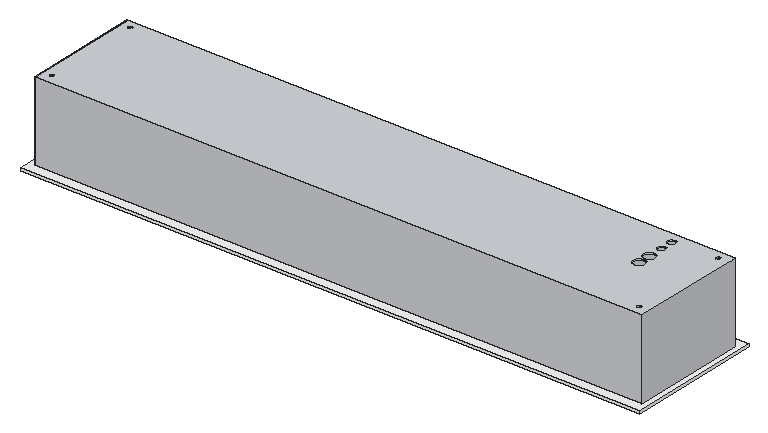
Revit family "C1500R", category Mechanical Equipment, host Ceiling, Revit 2015
Parameters (values of type "C1500WR")
  Weight (kg) = "30"
  Water hole length side = 165 mm
  Unit width = 301 mm
  Unit length = 1579 mm
  URL = "http://www.thermoscreens.com/"
  Supply (50Hz) = "230V~1P&N"
  Product URL = "http://www.thermoscreens.com/our-product-range/c-range"
  Max velocity (m/s) = "8.5"
  Max air volume (m3/h) = "1630"
  Loading (A) per phase = "0.9"
  Heat output (kW) = "9"
  Flange width = 353 mm
  Flange length = 1609 mm
  Drop rod hole 2 = 22 mm
  Drop rod hole 1 = 25 mm
  Distance between water holes = 33 mm
  D = 140 mm
  Created by = "Daniel Smith"
  Center Y1 = Unit width / 2  # 150.5 mm
  Center Y = Flange width / 2  # 176.5 mm
  Center X1 = Unit length / 2  # 789.5 mm
  Center X = Flange length / 2  # 804.5 mm
  Boundary box space = 500 mm
  Boundary box = no
  Air flow = no
Types (3, lengths in mm): name | Weight (kg) | Supply (50Hz) | Max velocity (m/s) | Max air volume (m3/h) | Loading (A) per phase | Heat output (kW) | Boundary box space
  C1500ER | "27" | "400V~3P&N" | "9.0" | "1730" | "18.3" | "6/12" | 804.5
  C1500AR | "25" | "230V~1P&N" | "9.0" | "1730" | "0.9" | "-" | 804.5
  C1500WR | "30" | "230V~1P&N" | "8.5" | "1630" | "0.9" | "9" | 500
Reference planes
  plane 1 "Center (Front/Back)": y = 0
  plane 2: z = 0
  plane 3 "Center (Left/Right)": x = 0
  plane 4 "Ceiling": z = 4000
Forms (mm)
  Extrusion 1, solid
    sketch origin (789.5, -150.5, 4000) x (0, 1, 0) y (0, 0, 1)
      loop
        line (1.2, 0) -> (302.2, 0) -> (302.2, 206) -> (1.2, 206) -> (1.2, 0)
    from 0 to -1.2
  Extrusion 2, solid
    sketch origin (789.5, 151.7, 4000) x (0, 0, 1) y (1, 0, 0)
      loop
        line (206, 0) -> (0, 0) -> (0, -1579) -> (206, -1579) -> (206, 0)
    from 0 to -1.2
  Extrusion 3, solid
    sketch origin (789.5, -149.3, 4000) x (0, 0, 1) y (-1, 0, 0)
      loop
        line (0, 0) -> (206, 0) -> (206, 1579) -> (0, 1579) -> (0, 0)
    from 0 to -1.2
  Extrusion 4, solid
    sketch origin (-789.5, -149.3, 4000) x (0, 0, 1) y (0, 1, 0)
      loop
        line (0, 0) -> (206, 0) -> (206, 301) -> (0, 301) -> (0, 0)
    from 0 to -1.2
  Extrusion 5, solid
    sketch origin (-789.5, -149.3, 4206) x (0, 1, 0) y (-1, 0, 0)
      loop
        line (301, 0) -> (0, 0) -> (0, -1579) -> (301, -1579) -> (301, 0)
    from 0 to -1.2
  Extrusion 6, solid, material "flange"
    sketch origin (0, 0, 4000) x (0, 1, 0) y (-1, 0, 0)
      loop
        line (176.5, 804.5) -> (-176.5, 804.5) -> (-176.5, -804.5) -> (176.5, -804.5) -> (176.5, 804.5)
    from 0 to -7
  Extrusion 7, void
    sketch origin (0, 0, 3993) x (0, 1, 0) y (-1, 0, 0)
      loop
        line (-149.3, 789.5) -> (-149.3, -789.5) -> (-134.3, -789.5) -> (-134.3, 789.5) -> (-149.3, 789.5)
      loop
        line (-124.3, 789.5) -> (-124.3, -789.5) -> (-109.3, -789.5) -> (-109.3, 789.5) -> (-124.3, 789.5)
      loop
        line (-99.3, 789.5) -> (-99.3, -789.5) -> (-84.3, -789.5) -> (-84.3, 789.5) -> (-99.3, 789.5)
      loop
        line (151.7, 788.3) -> (151.7, 789.5) -> (146.7, 789.5) -> (146.7, 788.3) -> (146.7, -789.5) -> (151.7, -789.5) -> (151.7, 788.3)
      loop
        line (141.7, 788.3) -> (141.7, 789.5) -> (136.7, 789.5) -> (136.7, -789.5) -> (141.7, -789.5) -> (141.7, 788.3)
      loop
        line (126.7, 789.5) -> (126.7, -789.5) -> (131.7, -789.5) -> (131.7, 789.5) -> (126.7, 789.5)
      loop
        line (121.7, 789.5) -> (116.7, 789.5) -> (116.7, -789.5) -> (121.7, -789.5) -> (121.7, 789.5)
      loop
        line (111.7, 788.3) -> (111.7, 789.5) -> (106.7, 789.5) -> (106.7, 788.3) -> (106.7, -789.5) -> (111.7, -789.5) -> (111.7, 788.3)
      loop
        line (101.7, 788.3) -> (101.7, 789.5) -> (96.7, 789.5) -> (96.7, -789.5) -> (101.7, -789.5) -> (101.7, 788.3)
      loop
        line (86.7, 789.5) -> (86.7, -789.5) -> (91.7, -789.5) -> (91.7, 789.5) -> (86.7, 789.5)
      loop
        line (81.7, 789.5) -> (76.7, 789.5) -> (76.7, -789.5) -> (81.7, -789.5) -> (81.7, 789.5)
      loop
        line (69.936, 788.3) -> (69.936, 789.5) -> (64.936, 789.5) -> (64.936, 788.3) -> (64.936, -789.5) -> (69.936, -789.5) -> (69.936, 788.3)
      loop
        line (59.936, 788.3) -> (59.936, 789.5) -> (54.936, 789.5) -> (54.936, -789.5) -> (59.936, -789.5) -> (59.936, 788.3)
      loop
        line (44.936, 789.5) -> (44.936, -789.5) -> (49.936, -789.5) -> (49.936, 789.5) -> (44.936, 789.5)
      loop
        line (39.936, 789.5) -> (34.936, 789.5) -> (34.936, -789.5) -> (39.936, -789.5) -> (39.936, 789.5)
      loop
        line (29.936, 788.3) -> (29.936, 789.5) -> (24.936, 789.5) -> (24.936, 788.3) -> (24.936, -789.5) -> (29.936, -789.5) -> (29.936, 788.3)
      loop
        line (19.936, 788.3) -> (19.936, 789.5) -> (14.936, 789.5) -> (14.936, -789.5) -> (19.936, -789.5) -> (19.936, 788.3)
      loop
        line (4.936, 789.5) -> (4.936, -789.5) -> (9.936, -789.5) -> (9.936, 789.5) -> (4.936, 789.5)
      loop
        line (-0.064, 789.5) -> (-5.064, 789.5) -> (-5.064, -789.5) -> (-0.064, -789.5) -> (-0.064, 789.5)
      loop
        line (-10.041, 788.3) -> (-10.041, 789.5) -> (-15.041, 789.5) -> (-15.041, 788.3) -> (-15.041, -789.5) -> (-10.041, -789.5) -> (-10.041, 788.3)
      loop
        line (-20.041, 788.3) -> (-20.041, 789.5) -> (-25.041, 789.5) -> (-25.041, -789.5) -> (-20.041, -789.5) -> (-20.041, 788.3)
      loop
        line (-35.041, 789.5) -> (-35.041, -789.5) -> (-30.041, -789.5) -> (-30.041, 789.5) -> (-35.041, 789.5)
      loop
        line (-40.041, 789.5) -> (-45.041, 789.5) -> (-45.041, -789.5) -> (-40.041, -789.5) -> (-40.041, 789.5)
      loop
        line (-55.041, 789.5) -> (-55.041, -789.5) -> (-50.041, -789.5) -> (-50.041, 789.5) -> (-55.041, 789.5)
      loop
        line (-60.041, 789.5) -> (-65.041, 789.5) -> (-65.041, -789.5) -> (-60.041, -789.5) -> (-60.041, 789.5)
    from 0 to 5
  Extrusion 8, void
    sketch origin (789.5, -149.3, 4206) x (0, -1, 0) y (-1, 0, 0)
      loop
        circle (-279, 1554) r 5
      loop
        circle (-25, 1554) r 5
      loop
        circle (-22, 25) r 5
      loop
        circle (-279, 25) r 5
    from 0 to 2
  Extrusion 9, void
    sketch origin (789.5, -149.3, 4206) x (0, -1, 0) y (-1, 0, 0)
      loop
        circle (-198, 140) r 15
      loop
        circle (-165, 140) r 15
    from 0 to 2
  Extrusion 10, void
    sketch origin (789.5, -149.3, 4206) x (0, -1, 0) y (-1, 0, 0)
      loop
        circle (-271, 140) r 10
      loop
        circle (-238, 140) r 10
    from 0 to 1.2
  Extrusion 11, solid, material "AIR FLOW", visible <- "Boundary box", detail levels fine
    sketch origin (789.5, -149.3, 4206) x (-1, 0, 0) y (0, -1, 0)
      loop
        line (2079, -801) -> (2079, 0) -> (1579, 0) -> (1579, -301) -> (0, -301) -> (0, 0) -> (-500, 0) -> (-500, -801) -> (2079, -801)
    from 0 to -206
  Extrusion 12, solid, material "AIR FLOW", visible <- "Air flow", detail levels fine
    sketch origin (0, 0, 3993) x (-1, 0, 0) y (0, 1, 0)
      loop
        line (804.5, 176.5) -> (-804.5, 176.5) -> (-804.5, -176.5) -> (804.5, -176.5) -> (804.5, 176.5)
    from 0 to 2500
Cuts and joins
  Extrusion 7, Extrusion 8, Extrusion 9, Extrusion 10 cuts Extrusion 1
  Extrusion 7, Extrusion 8, Extrusion 9, Extrusion 10 cuts Extrusion 2
  Extrusion 7, Extrusion 8, Extrusion 9, Extrusion 10 cuts Extrusion 3
  Extrusion 7, Extrusion 8, Extrusion 9, Extrusion 10 cuts Extrusion 4
  Extrusion 7, Extrusion 8, Extrusion 9, Extrusion 10 cuts Extrusion 5
  joined: Extrusion 1, Extrusion 2, Extrusion 3, Extrusion 4, Extrusion 5
  Extrusion 7, Extrusion 8, Extrusion 9, Extrusion 10 cuts Extrusion 6
Dimensions and locks
  equal spacing: host sketch curve, plane 3 "Center (Left/Right)", host sketch curve
  equal spacing: host sketch curve, plane 1 "Center (Front/Back)", host sketch curve
  host sketch curve to host sketch curve = 4000 mm  (x2)
  locked: plane 4 "Ceiling" to host ceiling at 0
  "Center X": Extrusion 6 sketch curve to plane 3 "Center (Left/Right)"
  "Flange length": Extrusion 6 sketch curve to Extrusion 6 sketch curve
  "Center Y": plane 1 "Center (Front/Back)" to Extrusion 6 sketch curve
  "Flange width": Extrusion 6 sketch curve to Extrusion 6 sketch curve
  "Drop rod hole 1": cut or joined group 1 (Extrusion 1, Extrusion 2, Extrusion 3, Extrusion 4, Extrusion 5, Extrusion 7, Extrusion 8, Extrusion 9, Extrusion 10) to Extrusion 8 sketch curve  (x3)
  "Drop rod hole 1": Extrusion 8 sketch curve to cut or joined group 1  (x2)
  "Drop rod hole 2": cut or joined group 1 to Extrusion 8 sketch curve  (x3)
  "Distance between water holes": Extrusion 9 sketch curve to Extrusion 9 sketch curve
  "D": cut or joined group 1 to Extrusion 9 sketch curve
  "Water hole length side": cut or joined group 1 to Extrusion 9 sketch curve
  "Boundary box space": Extrusion 11 sketch curve to cut or joined group 1
  "Boundary box space": cut or joined group 1 to Extrusion 11 sketch curve  (x2)
Automatic sketch dimensions
  Extrusion 1 sketch curve to Extrusion 1 sketch curve = 301 mm
  plane 4 "Ceiling" to Extrusion 1 sketch curve = 0 mm
  plane 1 "Center (Front/Back)" to Extrusion 1 sketch curve = 149.3 mm
  Extrusion 1 sketch curve to Extrusion 1 sketch curve = 206 mm
  Extrusion 2 sketch curve to Extrusion 1 = 0 mm  (x3)
  Extrusion 2 sketch curve to Extrusion 1 = 1577.8 mm
  Extrusion 1 to Extrusion 3 sketch curve = 0 mm
  Extrusion 3 sketch curve to Extrusion 1 = 0 mm  (x2)
  Extrusion 3 sketch curve to Extrusion 1 = 1577.8 mm
  Extrusion 3 to Extrusion 4 sketch curve = 0 mm
  Extrusion 4 sketch curve to Extrusion 3 = 0 mm  (x2)
  Extrusion 4 sketch curve to Extrusion 3 = 299.8 mm
  Extrusion 5 sketch curve to Extrusion 4 = 0 mm  (x2)
  Extrusion 4 to Extrusion 5 sketch curve = 0 mm
  Extrusion 5 sketch curve to Extrusion 4 = 1577.8 mm
  Extrusion 6 to Extrusion 7 sketch curve = 27.2 mm
  Extrusion 7 sketch curve to Extrusion 7 sketch curve = 15 mm  (x3)
  Extrusion 7 sketch curve to Extrusion 7 sketch curve = 10 mm  (x2)
  Extrusion 7 sketch curve to Extrusion 7 sketch curve = 19.259 mm
  Extrusion 7 sketch curve to Extrusion 7 sketch curve = 5 mm  (x41)
  Extrusion 7 sketch curve to Extrusion 7 sketch curve = 4.977 mm
  Extrusion 7 sketch curve to Extrusion 7 sketch curve = 6.764 mm
  Extrusion 6 to Extrusion 7 sketch curve = 15 mm  (x8)
  Extrusion 7 sketch curve to Extrusion 7 sketch curve = 0 mm  (x41)
  Extrusion 6 to Extrusion 7 sketch curve = 16.2 mm  (x5)
  Extrusion 7 sketch curve to Extrusion 7 sketch curve = 1.2 mm  (x11)
  Extrusion 10 sketch curve to Extrusion 3 = 269.8 mm
  Extrusion 10 sketch curve to Extrusion 10 sketch curve = 33 mm
  Extrusion 10 sketch curve to Extrusion 3 = 140 mm
  Extrusion 10 sketch curve to Extrusion 10 sketch curve = 0 mm
  Extrusion 9 sketch curve to Extrusion 9 sketch curve = 0 mm
  Extrusion 12 sketch curve to Extrusion 6 = 0 mm  (x4)
  Extrusion 11 sketch curve to Extrusion 3 = 0 mm  (x4)
  Extrusion 11 sketch curve to Extrusion 3 = 299.8 mm
  radius of Extrusion 10 sketch curve = 10 mm  (x2)
  radius of Extrusion 8 sketch curve = 5 mm  (x4)
  radius of Extrusion 9 sketch curve = 15 mm  (x2)
Connectors
  piping at (-764.5, 129.7, 4206), diameter 6
    settings: on cut or joined group 1, index 3, connector inside diameter 609.6 mm, connector length 0 mm, flow factor 0, pipe flow 0.0 L/s, pressure drop 0.0 Pa, fitting loss kfactor 0, connector angle 0.00°, fixture units 0, engagement length 0 mm, angle of deflection 0.00°, flow configuration 0, flow direction 0, fitting loss method 0, system type 28, joint type 0, gender type 0, connector reference index -1, connector utility 0, adjustable connector no, is connector primary yes, connector description ""
  piping at (-764.5, -124.3, 4206), diameter 6
    settings: on cut or joined group 1, index 4, connector inside diameter 609.6 mm, connector length 0 mm, flow factor 0, pipe flow 0.0 L/s, pressure drop 0.0 Pa, fitting loss kfactor 0, connector angle 0.00°, fixture units 0, engagement length 0 mm, angle of deflection 0.00°, flow configuration 0, flow direction 0, fitting loss method 0, system type 28, joint type 0, gender type 0, connector reference index -1, connector utility 0, adjustable connector no, is connector primary no, connector description ""
  piping at (764.5, 129.7, 4204.8), diameter 6
    settings: on cut or joined group 1, index 5, connector inside diameter 609.6 mm, connector length 0 mm, flow factor 0, pipe flow 0.0 L/s, pressure drop 0.0 Pa, fitting loss kfactor 0, connector angle 0.00°, fixture units 0, engagement length 0 mm, angle of deflection 0.00°, flow configuration 0, flow direction 0, fitting loss method 0, system type 28, joint type 0, gender type 0, connector reference index -1, connector utility 0, adjustable connector no, is connector primary no, connector description ""
  piping at (764.5, -127.3, 4204.8), diameter 6
    settings: on cut or joined group 1, index 6, connector inside diameter 609.6 mm, connector length 0 mm, flow factor 0, pipe flow 0.0 L/s, pressure drop 0.0 Pa, fitting loss kfactor 0, connector angle 0.00°, fixture units 0, engagement length 0 mm, angle of deflection 0.00°, flow configuration 0, flow direction 0, fitting loss method 0, system type 28, joint type 0, gender type 0, connector reference index -1, connector utility 0, adjustable connector no, is connector primary no, connector description ""
  piping at (649.5, 48.7, 4206), diameter 30
    settings: on cut or joined group 1, index 7, connector inside diameter 609.6 mm, connector length 0 mm, flow factor 0, pipe flow 0.0 L/s, pressure drop 0.0 Pa, fitting loss kfactor 0, connector angle 0.00°, fixture units 0, engagement length 0 mm, angle of deflection 0.00°, flow configuration 0, flow direction 1, fitting loss method 4, system type 19, joint type 0, gender type 0, connector reference index -1, connector utility 0, adjustable connector no, is connector primary no, connector description ""
  piping at (649.5, 15.7, 4204.8), diameter 30
    settings: on cut or joined group 1, index 8, connector inside diameter 609.6 mm, connector length 0 mm, flow factor 0, pipe flow 0.0 L/s, pressure drop 0.0 Pa, fitting loss kfactor 0, connector angle 0.00°, fixture units 0, engagement length 0 mm, angle of deflection 0.00°, flow configuration 0, flow direction 2, fitting loss method 4, system type 19, joint type 0, gender type 0, connector reference index -1, connector utility 0, adjustable connector no, is connector primary no, connector description ""
